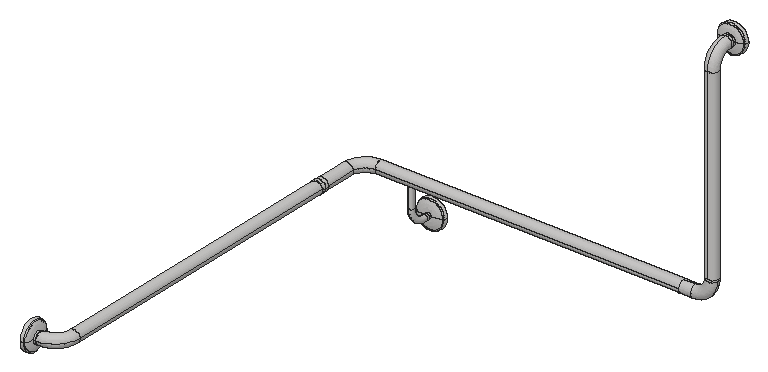
Revit family "MLR115MOD_SS", category Specialty Equipment, Revit 2019
Family settings
  Round Connector Dimension = Use Diameter
  Part Type = Normal
  OmniClass Number = 23.40.20.21.47
  OmniClass Title = Bath Grab Bars
  Work Plane-Based = No
  Always vertical = Yes
  Cut with Voids When Loaded = No
  Shared = No
  Room Calculation Point = No
Parameters (values of type "MLR115MOD")
  URL = "http://www.metlam.com.au/"
  Type Comments = "Grab Rails"  # constant formula
  Model = "MLR114MKII"
  Material_ANZRS = z_Metlam_Metal_Stainless Steel_Satin
  Manufacturer_Width = 1025 mm
  Manufacturer_URL__Product Specific = "https://www.metlam.com.au/product/content/grab-rails/MLR114MKII"
  Manufacturer_Spec Code = Model  # "MLR114MKII"
  Manufacturer_Height From FFL [instance] = 800 mm
  Manufacturer_Height = 600 mm
  Manufacturer = "Metlam"  # constant formula
  Manufacture_Depth = 1100 mm
  Keynote = ""
  Description = "30° Flush Mount Wrap Around Grab Rail RH"  # constant formula
  CreatedBy_ANZRS = "IGS BIM Solutions"  # constant formula
  CreatedByURL_ANZRS = "http://www.igsgroup.com.au/"
  Assembly Code = ""
Reference planes
  plane 1 "Ref. Level": z = 0
  plane 2 "Left Wall Mount_Centre (Elevation)": z = 784
  plane 3 "Middle Wall Mount_Centre (Elevation)": z = 686
  plane 4 "Bottom": z = 653
  plane 5 "Back": y = 610
  plane 6 "Horizontal Rail_Bottom": z = 768
  plane 7 "Mounting Height": z = 800
  plane 8 "Horizontal Rail_Front": y = 520
  plane 9 "Right": x = -2008.858
  plane 10 "2": x = -1976.858
  plane 11 "3": x = -1992.858
  plane 12 "7": x = -1858.858
  plane 13 "8": x = -1866.358
  plane 14 "12": y = 536
  plane 15 "13": y = -506
  plane 16 "14": y = 552
  plane 17 "16": x = -2066.858
  plane 18 "17": y = -490
  plane 19 "18": y = -474
  plane 20 "19": z = 670
  plane 21 "23": z = 1384
  plane 22 "24": z = 1368
  plane 23 "25": z = 1400
  plane 24: y = 397
  plane 25 "20": x = -1026.076
  plane 26 "21": x = -1041.858
  plane 27 "22": x = -1057.858
  plane 28: y = 386.85
Forms (mm)
  Sweep 1, solid, material "z_Metlam_Metal_Stainless Steel_Satin" <- "Material_ANZRS"
    path origin (-1104, 178.031, 784) x (-1, 0, 0) y (0, -1, 0)
      loop
        line (14.354, -357.969) -> (838.858, -357.969)
        arc (838.858, -357.969) -> (874.213, -343.325) -> (888.858, -307.969) r 50
        line (888.858, -307.969) -> (888.858, 618.031)
        arc (888.858, 618.031) -> (903.502, 653.386) -> (938.858, 668.031) r 50
        line (938.858, 668.031) -> (939.858, 668.031)
    profile origin (-1530.606, 536, 784) x (0, -1, 0) y (0, 0, 1)
      loop
        circle (0, 0) r 16
  Revolve 2, solid, material "z_Metlam_Metal_Stainless Steel_Satin" <- "Material_ANZRS"
    sketch origin (166.737, -1674, 784) x (-1, 0, 0) y (0, 1, 0)
      loop
        line (2217.564, 1200) -> (2210.595, 1200) -> (2210.595, 1184) -> (2233.595, 1184) -> (2233.595, 1223) -> (2224.836, 1221.599)
        arc (2224.836, 1221.599) -> (2223.757, 1221.149) -> (2223, 1220.257) r 2.5
        arc (2223, 1220.257) -> (2219.238, 1210.409) -> (2217.564, 1200) r 51.397
      axis (2210.595, 1184) -> (2233.595, 1184)
    angle from 0 to 360
  Revolve 3, solid, material "z_Metlam_Metal_Stainless Steel_Satin" <- "Material_ANZRS"
    sketch origin (-2976.108, -1433.595, 670) x (0, 1, 0) y (-1, 0, 0)
      loop
        arc (2027.787, -1124.75) -> (2028.306, -1139.507) -> (2033, -1153.507) r 51.397
        arc (2033, -1153.507) -> (2033.757, -1154.399) -> (2034.836, -1154.849) r 2.5
        line (2034.836, -1154.849) -> (2043.595, -1156.25) -> (2043.595, -1117.25) -> (2020.595, -1117.25) -> (2020.595, -1124.75) -> (2027.787, -1124.75)
      axis (2020.595, -1117.25) -> (2043.595, -1117.25)
    angle from 0 to 360
  Sweep 4, solid, material "z_Metlam_Metal_Stainless Steel_Satin" <- "Material_ANZRS"
    path origin (-1858.858, 273.714, 4000) x (0, 1, 0) y (0, 0, 1)
      loop
        line (313.286, -3330) -> (307.286, -3330)
        arc (307.286, -3330) -> (275.466, -3316.82) -> (262.286, -3285) r 45
        line (262.286, -3285) -> (262.286, -3216)
    profile origin (-1858.858, 536, 749.5) x (0, -1, 0) y (1, 0, 0)
      loop
        circle (0, 0) r 7.5
  Sweep 5, solid, material "z_Metlam_Metal_Stainless Steel_Satin" <- "Material_ANZRS"
    path origin (-1104, 173.031, 784) x (-1, 0, 0) y (0, -1, 0)
      loop
        line (888.858, -228.894) -> (888.858, -218.894)
    profile origin (-1992.858, 396.925, 784) x (1, 0, 0) y (0, 0, 1)
      loop
        circle (0, 0) r 17
  Revolve 6, solid, material "z_Metlam_Metal_Stainless Steel_Satin" <- "Material_ANZRS"
    sketch origin (570.798, -1433.595, 1384) x (0, 1, 0) y (-1, 0, 0)
      loop
        line (2027.564, 1628.656) -> (2020.595, 1628.656) -> (2020.595, 1612.656) -> (2043.595, 1612.656) -> (2043.595, 1651.656) -> (2034.836, 1650.255)
        arc (2034.836, 1650.255) -> (2033.757, 1649.805) -> (2033, 1648.913) r 2.5
        arc (2033, 1648.913) -> (2029.238, 1639.065) -> (2027.564, 1628.656) r 51.397
      axis (2020.595, 1612.656) -> (2043.595, 1612.656)
    angle from 0 to 360
  Sweep 7, solid, material "z_Metlam_Metal_Stainless Steel_Satin" <- "Material_ANZRS"
    path origin (-1041.858, 273.714, 4000) x (0, 1, 0) y (0, 0, 1)
      loop
        line (262.286, -3166) -> (262.286, -2661)
        arc (262.286, -2661) -> (275.466, -2629.18) -> (307.286, -2616) r 45
        line (307.286, -2616) -> (313.286, -2616)
    profile origin (-1041.858, 584, 1384) x (0, 0, 1) y (1, 0, 0)
      loop
        circle (0, 0) r 16
  Sweep 8, solid, material "z_Metlam_Metal_Stainless Steel_Satin" <- "Material_ANZRS"
    path origin (-651.621, 536, 4000) x (1, 0, 0) y (0, 0, 1)
      loop
        line (-390.237, -3166) -> (-390.237, -3171)
        arc (-390.237, -3171) -> (-403.417, -3202.82) -> (-435.237, -3216) r 45
        line (-435.237, -3216) -> (-466.732, -3216)
    profile origin (-1102.606, 536, 784) x (0, 0, 1) y (0, 1, 0)
      loop
        circle (0, 0) r 16
  Sweep 9, solid, material "z_Metlam_Metal_Stainless Steel_Satin" <- "Material_ANZRS"
    path origin (-1104, 610.82, 784) x (-1, 0, 0) y (0, 1, 0)
      loop
        line (888.858, -228.894) -> (888.858, -218.894)
    profile origin (-1992.858, 386.925, 784) x (-1, 0, 0) y (0, 0, 1)
      loop
        circle (0, 0) r 17
Cuts and joins
  joined: Sweep 1, Revolve 2, Revolve 3, Sweep 4, Sweep 5, Revolve 6, Sweep 7, Sweep 8
Lines and regions (mm)
  symbolic lines, style "Grab Rails"
    curve 1: line (-1632.076, 536, 784) -> (-1627.076, 536, 775.34)
    curve 2: line (-1025.858, 536, 1393.8) -> (-1020.858, 536, 1385.14)
Text (mm)
  text "Disclaimer:\nDue to ongoing product development and manufacturing evolution, product details are subject to change without notice.\nPlease refer to product technical data sheets on www.metlam.com.au for the most current product information.\nPlease allow a +/- 5mm tolerance for dimensions and set-outs shown in product literature.\n© Metlam 2015" at (-315.572, 492.599, 0), in view "Ref. Level_Instruction"
Dimensions and locks
  locked: plane 3 "Middle Wall Mount_Centre (Elevation)" to plane 4 "Bottom" at 33
  locked: plane 7 "Mounting Height" to plane 2 "Left Wall Mount_Centre (Elevation)" at 16
  locked: plane 2 "Left Wall Mount_Centre (Elevation)" to plane 6 "Horizontal Rail_Bottom" at 16
  locked: plane 6 "Horizontal Rail_Bottom" to plane 3 "Middle Wall Mount_Centre (Elevation)" at 82
  locked: plane 5 "Back" to plane 8 "Horizontal Rail_Front" at 90
  locked: plane 11 "3" to plane 10 "2" at 16
  locked: plane 11 "3" to plane 9 "Right" at 16
  locked: plane 13 "8" to plane 12 "7" at 7.5
  locked: plane 12 "7" to plane 9 "Right" at 150
  plane 14 "12" to plane 8 "Horizontal Rail_Front" = 16 mm
  locked: plane 10 "2" to plane 17 "16" at 90
  plane 19 "18" to plane 18 "17" to plane 15 "13" = 16 mm locked, 16 mm locked
  "Manufacture_Depth": plane 18 "17" to plane 5 "Back"
  locked: plane 8 "Horizontal Rail_Front" to plane 16 "14" at 32
  locked: plane 3 "Middle Wall Mount_Centre (Elevation)" to plane 20 "19" at 16
  locked: plane 23 "25" to plane 21 "23" at 16
  locked: plane 21 "23" to plane 22 "24" at 16
  plane 22 "24" to plane 2 "Left Wall Mount_Centre (Elevation)" = 584 mm
  plane 24 to plane 16 "14" = 155 mm
  "Manufacturer_Width": plane 26 "21" to plane 17 "16"
  "Manufacturer_Height From FFL": plane 7 "Mounting Height" to level
  "Manufacturer_Height": plane 2 "Left Wall Mount_Centre (Elevation)" to plane 21 "23"
  plane 27 "22" to plane 26 "21" to plane 25 "20" = 16 mm locked, 15.782 mm locked
  locked: plane 27 "22" to Sweep 8 sketch curve at 60.496
  locked: Sweep 1 sketch curve to plane 26 "21" at 76.496
  aligned and locked: level to plane 1 "Ref. Level"
  aligned and locked: Sweep 1 sketch curve to plane 18 "17"
  aligned and locked: Sweep 1 sketch curve to plane 11 "3"
  aligned and locked: plane 12 "7" to Revolve 3 sketch curve
  aligned and locked: Revolve 3 sketch curve to plane 12 "7"
  aligned and locked: plane 14 "12" to Sweep 4 sketch curve
  aligned and locked: plane 20 "19" to Sweep 4 sketch curve
  aligned and locked: Sweep 4 sketch curve to plane 2 "Left Wall Mount_Centre (Elevation)"
  aligned and locked: plane 20 "19" to Revolve 3
  aligned and locked: plane 26 "21" to Revolve 6 sketch curve
  aligned and locked: Revolve 6 sketch curve to plane 26 "21"
  aligned and locked: Revolve 6 sketch curve to plane 5 "Back"
  aligned and locked: Sweep 7 sketch curve to plane 21 "23"
  aligned and locked: Sweep 7 sketch curve to plane 14 "12"
  aligned and locked: Sweep 7 to Sweep 8 sketch curve
  aligned and locked: Sweep 5 sketch curve to plane 11 "3"
  aligned and locked: Sweep 9 sketch curve to plane 11 "3"
  aligned and locked: plane 21 "23" to cut or joined group of Sweep 1, Revolve 2, Revolve 3, Sweep 4, Sweep 5, Revolve 6, Sweep 7, Sweep 8
Automatic sketch dimensions
  curve 1 to plane 2 "Left Wall Mount_Centre (Elevation)" = 0 mm
  plane 21 "23" to curve 2 = 1.14 mm
  plane 25 "20" to curve 2 = 5.218 mm
  plane 25 "20" to curve 2 = 0.218 mm
  plane 6 "Horizontal Rail_Bottom" to curve 1 = 7.34 mm
  plane 12 "7" to curve 1 = 231.782 mm
  curve 1 to curve 1 = 5 mm
  curve 2 to plane 23 "25" = 6.2 mm
  Sweep 1 sketch curve to plane 14 "12" = 0 mm
  Sweep 1 sketch curve to plane 8 "Horizontal Rail_Front" = 34 mm
  plane 17 "16" to Sweep 1 sketch curve = 24 mm
  Sweep 1 sketch curve to Sweep 1 sketch curve = 1 mm
  Sweep 1 sketch curve to plane 2 "Left Wall Mount_Centre (Elevation)" = 0 mm
  Sweep 1 sketch curve to profile plane = 0 mm
  plane 19 "18" to Revolve 2 sketch curve = 0 mm
  Revolve 2 sketch curve to plane 18 "17" = 0 mm  (x2)
  Revolve 2 sketch curve to plane 17 "16" = 0 mm
  Revolve 2 sketch curve to plane 17 "16" = 8.364 mm
  Revolve 2 sketch curve to Revolve 2 sketch curve = 0.395 mm
  Revolve 2 sketch curve to plane 17 "16" = 16.031 mm
  Revolve 2 sketch curve to Revolve 2 sketch curve = 6.969 mm
  Revolve 2 sketch curve to plane 19 "18" = 2.911 mm
  plane 17 "16" to Revolve 2 sketch curve = 35.283 mm
  plane 19 "18" to Revolve 2 sketch curve = 19.13 mm
  Revolve 2 sketch curve to Revolve 2 sketch curve = 1.342 mm
  Revolve 2 sketch curve to Revolve 2 sketch curve = 1.401 mm
  Revolve 2 sketch curve to Revolve 2 sketch curve = 10 mm
  Revolve 2 sketch curve to Revolve 2 sketch curve = 4.717 mm
  Revolve 3 sketch curve to plane 5 "Back" = 0 mm
  Revolve 3 sketch curve to plane 5 "Back" = 8.364 mm
  Revolve 3 sketch curve to Revolve 3 sketch curve = 0.395 mm
  Revolve 3 sketch curve to plane 5 "Back" = 15.809 mm
  Revolve 3 sketch curve to Revolve 3 sketch curve = 7.191 mm
  plane 12 "7" to Revolve 3 sketch curve = 13.089 mm
  plane 5 "Back" to Revolve 3 sketch curve = 35.283 mm
  plane 12 "7" to Revolve 3 sketch curve = 35.13 mm
  Revolve 3 sketch curve to Revolve 3 sketch curve = 2.469 mm
  Revolve 3 sketch curve to Revolve 3 sketch curve = 1.401 mm
  plane 12 "7" to Revolve 3 sketch curve = 7.5 mm
  Revolve 3 sketch curve to Revolve 3 sketch curve = 5.809 mm
  Revolve 3 sketch curve to Revolve 3 sketch curve = 4.717 mm
  plane 3 "Middle Wall Mount_Centre (Elevation)" to Sweep 4 sketch curve = 29 mm
  Sweep 4 sketch curve to Sweep 4 sketch curve = 0 mm  (x2)
  Sweep 4 sketch curve to Sweep 4 sketch curve = 6 mm
  Sweep 4 sketch curve to plane 12 "7" = 0 mm
  Sweep 4 sketch curve to profile plane = 0 mm
  plane 24 to Sweep 5 sketch curve = 4.925 mm
  Sweep 5 sketch curve to plane 24 = 5.075 mm
  Sweep 5 sketch curve to plane 2 "Left Wall Mount_Centre (Elevation)" = 0 mm
  profile plane to Sweep 5 sketch curve = 0 mm
  Revolve 6 sketch curve to plane 27 "22" = 0 mm
  Revolve 6 sketch curve to plane 5 "Back" = 8.364 mm
  Revolve 6 sketch curve to Revolve 6 sketch curve = 0.395 mm
  Revolve 6 sketch curve to plane 5 "Back" = 16.031 mm
  Revolve 6 sketch curve to Revolve 6 sketch curve = 6.969 mm
  plane 27 "22" to Revolve 6 sketch curve = 2.911 mm
  plane 5 "Back" to Revolve 6 sketch curve = 35.283 mm
  Revolve 6 sketch curve to plane 27 "22" = 19.13 mm
  Revolve 6 sketch curve to Revolve 6 sketch curve = 1.342 mm
  Revolve 6 sketch curve to Revolve 6 sketch curve = 1.401 mm
  Revolve 6 sketch curve to plane 5 "Back" = 10 mm
  Revolve 6 sketch curve to Revolve 6 sketch curve = 4.717 mm
  Sweep 7 sketch curve to plane 5 "Back" = 29 mm
  Sweep 7 sketch curve to Sweep 7 sketch curve = 6 mm
  plane 7 "Mounting Height" to Sweep 7 sketch curve = 34 mm
  Sweep 7 sketch curve to plane 26 "21" = 0 mm
  Sweep 7 sketch curve to profile plane = 0 mm
  Sweep 8 sketch curve to plane 2 "Left Wall Mount_Centre (Elevation)" = 0 mm
  Sweep 8 sketch curve to plane 26 "21" = 0 mm
  Sweep 8 sketch curve to plane 7 "Mounting Height" = 29 mm
  Sweep 8 sketch curve to plane 14 "12" = 0 mm
  profile plane to Sweep 8 sketch curve = 0 mm
  Sweep 9 sketch curve to plane 28 = 4.925 mm
  plane 28 to Sweep 9 sketch curve = 5.075 mm
  Sweep 9 sketch curve to plane 2 "Left Wall Mount_Centre (Elevation)" = 0 mm
  Sweep 9 sketch curve to profile plane = 0 mm
  radius of Sweep 1 sketch curve = 16 mm
  radius of Sweep 4 sketch curve = 7.5 mm
  radius of Sweep 5 sketch curve = 17 mm
  radius of Sweep 7 sketch curve = 16 mm
  radius of Sweep 8 sketch curve = 16 mm
  radius of Sweep 9 sketch curve = 17 mm
